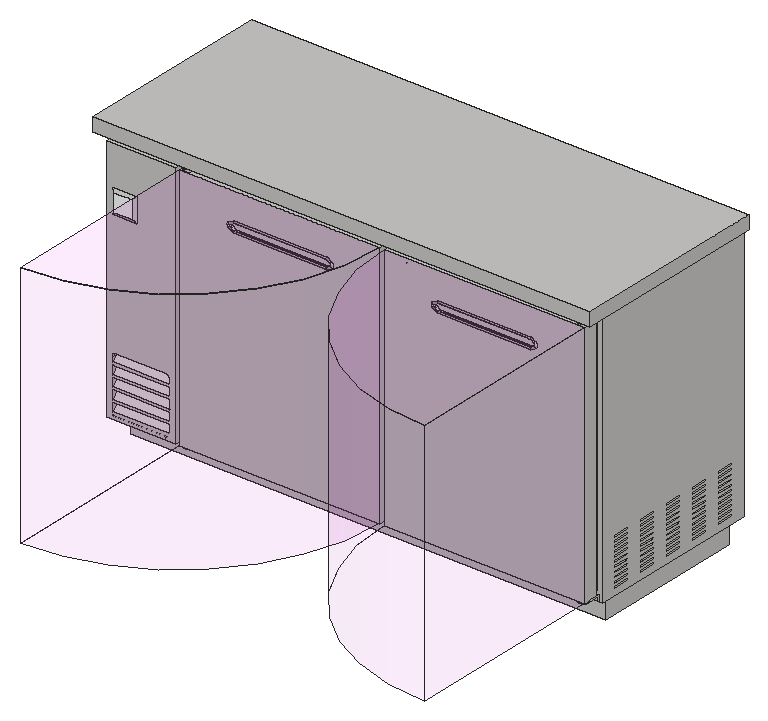
Revit family "QF_Kelvinator_738306_KCHBB60SS", category Specialty Equipment, Revit 2021 (continued)
Definition of nested family "KCHBB48S"
  Definition of nested family "Family1"
    Forms (in)
      Extrusion 17, solid
        from 0 to 0.125
      Extrusion 18, solid
        sketch origin (2, 0.35049, -1.06969) x (0, 0, 1) y (-1, 0, 0)
          loop
            circle (0.77738, 1.45668) r 0.25
        from 0 to 0.125
      Extrusion 19, solid, visible <- "Show Clearance"
        sketch origin (0, 0, 0) x (1, 0, 0) y (0, 1, 0)
          loop
            line (0, -1.75) -> (0, -26.35)
            arc (0, -26.35) -> (17.39483, -19.14483) -> (24.6, -1.75) r 24.6
            line (24.6, -1.75) -> (0, -1.75)
        from 0 to 30.4
    Cuts and joins
      Extrusion 2, Extrusion 4 cuts Extrusion 1
      joined: Extrusion 7, Extrusion 8, Extrusion 9, Extrusion 10, Extrusion 11, Extrusion 12
      joined: Extrusion 13, Extrusion 14, Extrusion 15, Extrusion 16, Extrusion 17, Extrusion 18
    Lines and regions (in)
      Split face 1
        outline origin (0, -1.75, 30.4) x (-1, 0, 0) y (0, 0, -1)
          loop
            arc (-21.0075, 0.1875) -> (-20.695, 0.5) -> (-21.0075, 0.8125) r 0.3125
            line (-21.0075, 0.8125) -> (-22.10125, 0.8125)
            arc (-22.10125, 0.8125) -> (-22.41375, 0.5) -> (-22.10125, 0.1875) r 0.3125
            line (-22.10125, 0.1875) -> (-21.0075, 0.1875)
      Split face 2
        outline origin (0, -1.75, 30.4) x (-1, 0, 0) y (0, 0, -1)
          loop
            circle (-21.55437, 0.5) r 0.2773
      symbolic lines, visible <- "Show Clearance"
        curve 1: arc (21.30422, -14.05, 0) -> (23.68371, -8.40146, 0) -> (24.59292, -2.34, 0) r 24.6
        curve 2: line (1.02191, -2.34, 0) -> (21.30422, -14.05, 0)
    Dimensions and locks (in)
      equal spacing: plane 3 "LEFT", plane 7 "Center Y", plane 4 "RIGHT"
      "Length": plane 3 "LEFT" to plane 4 "RIGHT"
      equal spacing: plane 5 "FRONT", plane 8 "Center X", plane 1 "BACK"
      "Depth": plane 5 "FRONT" to plane 1 "BACK"
      "Height": plane 6 "TOP" to level
      aligned and locked: level to plane 2
      aligned and locked: Extrusion 5 to plane 13
      aligned and locked: Extrusion 6 to plane 13
    Automatic sketch dimensions
      Extrusion 1 sketch curve to level = 0"
      Extrusion 1 sketch curve to plane 3 "LEFT" = 0"
      plane 4 "RIGHT" to Extrusion 1 sketch curve = 0"
      Extrusion 1 sketch curve to plane 6 "TOP" = 0"
      Extrusion 2 sketch curve to plane 6 "TOP" = 4.42179"
      Extrusion 2 sketch curve to Extrusion 2 sketch curve = 0.3367"
      Extrusion 2 sketch curve to Extrusion 2 sketch curve = 0.33813"  (x2)
      Extrusion 2 sketch curve to Extrusion 2 sketch curve = 0.09937"  (x2)
      Extrusion 2 sketch curve to Extrusion 2 sketch curve = 0.1008"  (x2)
      plane 12 to Extrusion 2 sketch curve = 5.7715"
      Extrusion 2 sketch curve to Extrusion 2 sketch curve = 0.06211"
      Extrusion 2 sketch curve to Extrusion 2 sketch curve = 0.541"  (x2)
      plane 7 "Center Y" to Extrusion 2 sketch curve = 5.675"
      Extrusion 2 sketch curve to Extrusion 2 sketch curve = 0"
      Extrusion 2 sketch curve to Extrusion 2 sketch curve = 0.47572"
      Extrusion 2 sketch curve to Extrusion 2 sketch curve = 0.063"
      Sweep 3 sketch curve to plane 6 "TOP" = 3.54679"
      Sweep 3 sketch curve to Sweep 3 sketch curve = 0.3367"
      Sweep 3 sketch curve to Sweep 3 sketch curve = 0.33813"  (x2)
      Sweep 3 sketch curve to Sweep 3 sketch curve = 0.09937"  (x2)
      Sweep 3 sketch curve to Sweep 3 sketch curve = 0.1008"  (x2)
      plane 12 to Sweep 3 sketch curve = 5.7715"
      Sweep 3 sketch curve to Sweep 3 sketch curve = 0.06211"
      Sweep 3 sketch curve to Sweep 3 sketch curve = 0.541"  (x2)
      plane 7 "Center Y" to Sweep 3 sketch curve = 5.675"
      Sweep 3 sketch curve to Sweep 3 sketch curve = 0"
      Sweep 3 sketch curve to Sweep 3 sketch curve = 0.47572"
      Sweep 3 sketch curve to Sweep 3 sketch curve = 0.063"
      profile plane to Sweep 3 sketch curve = 0"
      profile plane to Sweep 3 sketch curve = 1/8"
      profile plane to Sweep 3 sketch curve = 2.67809"
      Sweep 3 sketch curve to Sweep 3 sketch curve = 0.12191"
      Split face 1 sketch curve to cut or joined group of Extrusion 1, Extrusion 2, Extrusion 4 = 3/16"
      cut or joined group of Extrusion 1, Extrusion 2, Extrusion 4 to Split face 1 sketch curve = 0.2873"  (x2)
      Split face 1 sketch curve to cut or joined group of Extrusion 1, Extrusion 2, Extrusion 4 = 1/32"
      Split face 2 sketch curve to cut or joined group of Extrusion 1, Extrusion 2, Extrusion 4 = 1/32"
      Split face 2 sketch curve to cut or joined group of Extrusion 1, Extrusion 2, Extrusion 4 = 0.25958"
      Extrusion 1 to Extrusion 4 sketch curve = 15/32"
      Extrusion 1 to Extrusion 4 sketch curve = 2.78605"
      Extrusion 4 sketch curve to Extrusion 4 sketch curve = 0.51916"
      Extrusion 4 sketch curve to Extrusion 4 sketch curve = 1/16"
      Extrusion 5 sketch curve to plane 1 "BACK" = 0"
      level to Extrusion 5 sketch curve = 0.32425"
      Extrusion 5 sketch curve to plane 6 "TOP" = 0.32575"
      Extrusion 5 sketch curve to Extrusion 5 sketch curve = 1/4"
      Extrusion 6 sketch curve to plane 9 = 0"
      level to Extrusion 6 sketch curve = 0.32425"
      Extrusion 6 sketch curve to plane 6 "TOP" = 0.32575"
      Extrusion 6 sketch curve to Extrusion 6 sketch curve = 1/4"
      Extrusion 7 sketch curve to plane 6 "TOP" = 0"
      Extrusion 7 sketch curve to plane 3 "LEFT" = 0"
      Extrusion 7 sketch curve to plane 10 = 0.12956"
      plane 12 to Extrusion 7 sketch curve = 2 11/16"
      Extrusion 8 sketch curve to plane 9 = 0"
      Extrusion 8 sketch curve to plane 3 "LEFT" = 0"
      plane 12 to Extrusion 8 sketch curve = 0.23886"
      Extrusion 8 sketch curve to plane 8 "Center X" = 1/4"
      Extrusion 9 sketch curve to Extrusion 7 = 0.29232"
      Extrusion 9 sketch curve to Extrusion 7 = 0.45668"
      Extrusion 10 sketch curve to plane 8 "Center X" = 0"
      plane 12 to Extrusion 10 sketch curve = 0.23886"
      Extrusion 11 sketch curve to Extrusion 7 = 0.29232"
      Extrusion 11 sketch curve to Extrusion 7 = 1.45668"
      Extrusion 12 sketch curve to Extrusion 7 = 0.29232"
      Extrusion 12 sketch curve to Extrusion 7 = 0.54332"
      Extrusion 13 sketch curve to level = 0"
      Extrusion 13 sketch curve to plane 3 "LEFT" = 0"
      Extrusion 13 sketch curve to plane 11 = 0.12956"
      plane 12 to Extrusion 13 sketch curve = 2 11/16"
      Extrusion 14 sketch curve to plane 3 "LEFT" = 0"
      Extrusion 14 sketch curve to plane 9 = 0"
      Extrusion 14 sketch curve to plane 8 "Center X" = 1/4"
      Extrusion 14 sketch curve to Extrusion 14 sketch curve = 0.55136"
      Extrusion 15 sketch curve to Extrusion 13 = 0.29232"
      Extrusion 15 sketch curve to Extrusion 13 = 0.45668"
      Extrusion 16 sketch curve to plane 8 "Center X" = 0"
      plane 12 to Extrusion 16 sketch curve = 0.23886"
      Extrusion 17 sketch curve to Extrusion 13 = 0.29232"
      Extrusion 17 sketch curve to Extrusion 13 = 1.45668"
      Extrusion 18 sketch curve to Extrusion 13 = 0.29232"
      Extrusion 18 sketch curve to Extrusion 13 = 0.54332"
      plane 5 "FRONT" to Extrusion 19 sketch curve = 0"
      plane 3 "LEFT" to Extrusion 19 sketch curve = 0"
      Extrusion 19 sketch curve to plane 4 "RIGHT" = 0"
      curve 1 to plane 3 "LEFT" = 0"
      curve 2 to plane 14 = 0"
      curve 1 to plane 14 = 0"
      plane 5 "FRONT" to curve 1 = 0"
      plane 13 to curve 2 = 2.98328"
      curve 2 to plane 14 = 11.71"
      plane 12 to curve 2 = 0.70941"
      radius of Split face 2 sketch curve = 0.2773"
      radius of Extrusion 9 sketch curve = 1/4"
      radius of Extrusion 10 sketch curve = 1/4"
      radius of Extrusion 11 sketch curve = 1/4"
      radius of Extrusion 12 sketch curve = 1/4"
      radius of Extrusion 15 sketch curve = 1/4"
      radius of Extrusion 16 sketch curve = 1/4"
      radius of Extrusion 17 sketch curve = 1/4"
      radius of Extrusion 18 sketch curve = 1/4"
